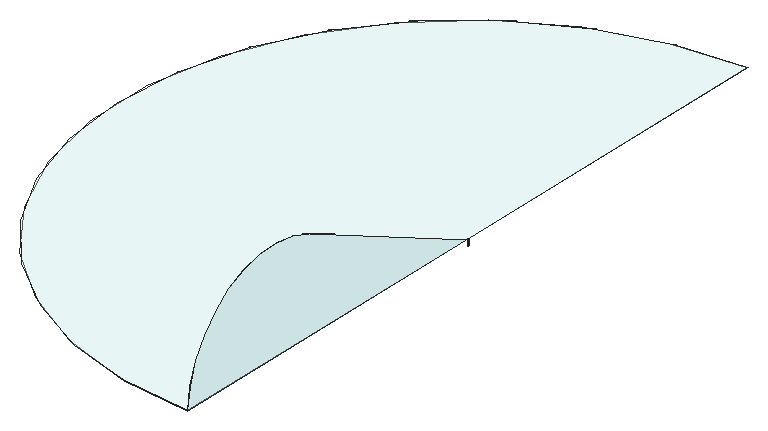
Revit family "Rotor Falvon 6504 Series - I6504PCSSNP", category Acessórios do tubo, Revit 2020
Family settings
  Cota do conector redondo = Utilizar diâmetro
  Tipo de parte = Normal
  Número OmniClass = 23.60.30.11.14
  Título OmniClass = Pipework Fittings
  Com base no plano de trabalho = Não
  Sempre na vertical = Sim
  Corte com vazios quando carregada = Não
  Compartilhado = Não
Parameters (values of type "Nozzle 18")
  Water = Water
  URL = "https://www.rainbird.com/"
  TABLE 90 = "TABLE 90psi"
  TABLE 80 = "TABLE 80psi"
  TABLE 70 = "TABLE 70psi"
  TABLE 60 = "TABLE 60psi"
  TABLE 50 = "TABLE 50psi"
  TABLE 40 = "TABLE 40psi"
  TABLE 30 = "TABLE 30psi"
  SupportProjetos: Reviw Date = ""  # constant formula
  SupportProjetos: Reviw = "R00"  # constant formula
  SupportProjetos: Level of Detail = "LOD 300"  # constant formula
  SupportProjetos: Developed = "MICHEL SOARES MOTA"  # constant formula
  SupportProjetos: Creation Date = "07/08/2020"  # constant formula
  Side inlet = no
  Rotation Water Visibility [instance] = Pop up on  # yes
  Rotation Angle [instance] = 180.00°
  RainBird: Product Link = "https://www.rainbird.com/"
  RainBird: Description = "FALCON I6504-PC-SS-NP Rotor "  # constant formula
  RainBird: Comment [instance] = ""
  RainBird: Code = "B65821NP"  # constant formula
  Radius [instance] = if(and(Pressure = 30.0 psi, Instance < 3 ft), size_lookup(TABLE 30, "Radius", 0 ft, Instance), if(and(Pressure = 40.0 psi, Instance < 9 ft), size_lookup(TABLE 40, "Radius", 0 ft, Instance), if(and(Pressure = 50.0 psi, Instance < 9 ft), size_lookup(TABLE 50, "Radius", 0 ft, Instance), if(and(Pressure = 60.0 psi, Instance < 9 ft), size_lookup(TABLE 60, "Radius", 0 ft, Instance), if(and(Pressure = 70.0 psi, Instance < 9 ft), size_lookup(TABLE 70, "Radius", 0 ft, Instance), if(and(Pressure = 80.0 psi, Instance < 9 ft), size_lookup(TABLE 80, "Radius", 0 ft, Instance), if(and(Pressure = 90.0 psi, Instance > 7 ft), size_lookup(TABLE 90, "Radius", 600 ft, Instance), 0 ft)))))))  # 63 ft
  RT = 0.009893 ft
  RN = 0.032808 ft
  R5 = 0.03937 ft
  R4 = 0.04101 ft
  R3 = 0.065617 ft
  R2 = 0.075407 ft
  R1 = 0.032808 ft
  Pressure [instance] = 60.0 psi
  Pop up height = 0.334646 ft
  Pop up on [instance] = yes
  Modelo = "I6504-PCSSNP"  # constant formula
  Instance = 8 ft
  H1 = Body height / 3  # 0.236333 ft
  Flow [instance] = if(and(Pressure = 30.0 psi, Instance < 3 ft), size_lookup(TABLE 30, "Flow", 0.0 GPM, Instance), if(and(Pressure = 40.0 psi, Instance < 9 ft), size_lookup(TABLE 40, "Flow", 0.0 GPM, Instance), if(and(Pressure = 50.0 psi, Instance < 9 ft), size_lookup(TABLE 50, "Flow", 0.0 GPM, Instance), if(and(Pressure = 60.0 psi, Instance < 9 ft), size_lookup(TABLE 60, "Flow", 0.0 GPM, Instance), if(and(Pressure = 70.0 psi, Instance < 9 ft), size_lookup(TABLE 70, "Flow", 0.0 GPM, Instance), if(and(Pressure = 80.0 psi, Instance < 9 ft), size_lookup(TABLE 80, "Flow", 0.0 GPM, Instance), if(and(Pressure = 90.0 psi, Instance > 7 ft), size_lookup(TABLE 90, "Flow", 0.0 GPM, Instance), 0.0 GPM)))))))  # 17.1 GPM
  Fabricante = "Rain Bird"
  Elevação padrão = 0 ft
  Description = RainBird: Description  # "FALCON I6504-PC-SS-NP Rotor "
  DD13 = 0.002625 ft
  DD12 = 0.003937 ft
  DD11 = 0.009897 ft
  DD10 = 0.016404 ft
  DD8 [instance] = if(Pop up on, Pop up height, 0 ft)  # 0.334646 ft
  DD7 = 0.019685 ft
  DD6 [instance] = 0.016404 ft
  DD5 = 0.065617 ft
  DD4 = 0.032808 ft
  DD3 = 0.091048 ft
  DD2 [instance] = 0.024514 ft
  DD9 [instance] = if(Pop up on, Pop up height + 0.049541 ft, 0 ft)  # 0.384186 ft
  DD1 = 0.006562 ft
  Conection = 0.062664 ft  # constant formula
  Body height = 0.709 ft  # constant formula
  Blue = Blue Plastic
  Black Plastic = Black Plastic
  Angle = 25.00°
Types (9, lengths in ft): name | Radius | Pressure | Instance | Flow
  (no name) | 63 | 60.0 psi | 8 | 17.1 GPM
  Nozzle 4 | 43 | 80.0 psi | 1 | 4.6 GPM
  Nozzle 6 | 49 | 80.0 psi | 2 | 4.9 GPM
  Nozzle 8 | 53 | 80.0 psi | 3 | 9.4 GPM
  Nozzle 10 | 55 | 80.0 psi | 4 | 11.6 GPM
  Nozzle 12 | 61 | 80.0 psi | 5 | 14.0 GPM
  Tipo 14 | 61 | 80.0 psi | 6 | 16.2 GPM
  Nozzle 16 | 63 | 80.0 psi | 7 | 18.1 GPM
  Nozzle 18 | 63 | 60.0 psi | 8 | 17.1 GPM
Reference planes (ft)
  plane 1 "Centro (Frente/Trás)": y = 0
  plane 2: z = 0
  plane 3 "Centro (Esquerda/Direita)": x = 0
  plane 4: z = 0.003937
  plane 5: z = 0.002625
  plane 6: y = -0.065617
Forms (ft)
  Revolve 1, solid, material "Black Plastic" <- "Black Plastic"
    sketch origin (0, 0, 0) x (1, 0, 0) y (0, 0, 1)
      loop
        line (0.075407, -0.091048) -> (0.075407, -0.035324)
        arc (0.075407, -0.035324) -> (0.072509, -0.028329) -> (0.065514, -0.025431) r 0.009893
        line (0.065514, -0.025431) -> (0.046098, -0.025431) -> (0.046098, 0) -> (0.03937, 0) -> (0.03937, -0.334646) -> (0.019685, -0.334646) -> (0.019685, -0.702438) -> (0.032808, -0.702438) -> (0.032808, -0.709) -> (0.04101, -0.709) -> (0.04101, -0.702438) -> (0.055724, -0.702438)
        arc (0.055724, -0.702438) -> (0.062719, -0.699541) -> (0.065617, -0.692545) r 0.009893
        line (0.065617, -0.692545) -> (0.065617, -0.091048) -> (0.075407, -0.091048)
      axis (0, -0.709) -> (0, 0)
    angle from 0 to 360
  Extrusion 2, solid, material "Black Plastic" <- "Black Plastic"
    sketch origin (0, 0, 0) x (1, 0, 0) y (0, 1, 0)
      loop
        circle (0, 0) r 0.032808
    from -0.334646 to 0.334646
  Extrusion 3, void
    sketch origin (0, 0, 0) x (1, 0, 0) y (0, 1, 0)
      loop
        circle (0, 0) r 0.022844
    from -0.334646 to 0.334646
  Revolve 4, solid, material "Black Plastic" <- "Black Plastic"
    sketch origin (0, 0, 0) x (1, 0, 0) y (0, 0, 1)
      loop
        line (0, 0.334646) -> (0.037004, 0.334646) -> (0.037004, 0.344543)
        arc (0.037004, 0.344543) -> (0.01879, 0.349436) -> (0, 0.35105) r 0.10685
        line (0, 0.35105) -> (0, 0.334646)
      axis (0, 0.334646) -> (0, 0.35105)
    angle from 0 to 360
  Extrusion 5, solid, material "Blue Plastic" <- "Blue"
    sketch origin (0, 0, 0) x (1, 0, 0) y (0, 0, 1)
      loop
        circle (0, 0.310131) r 0.009129
      loop
        circle (0, 0.310131) r 0.004793
    from 0 to 0.034386
  Extrusion 6, void
    sketch origin (0, 0, 0) x (1, 0, 0) y (0, 0, 1)
      loop
        line (-0.02074, 0.328055) -> (-0.02074, 0.282426) -> (0.020672, 0.282426) -> (0.020672, 0.328055) -> (-0.02074, 0.328055)
      loop
        line (-0.018439, 0.325179) -> (-0.018439, 0.285685) -> (0.018179, 0.285685) -> (0.018179, 0.325179) -> (-0.018439, 0.325179)
    from 0.024556 to 0.06931
  Extrusion 7, solid, material "Black Plastic" <- "Black Plastic"
    sketch origin (0, 0, 0) x (1, 0, 0) y (0, 0, 1)
      loop
        line (0.046098, 0) -> (0.046098, -0.036876) -> (0.073493, -0.036876) -> (0.046098, 0)
    from -0.002998 to 0.002998
  Extrusion 8, solid, material "Black Plastic" <- "Black Plastic"
    sketch origin (0, 0, 0) x (-1, 0, 0) y (0, 0, -1)
      loop
        line (0.046098, 0) -> (0.073493, 0.036876) -> (0.046098, 0.036876) -> (0.046098, 0)
    from -0.002998 to 0.002998
  Extrusion 9, solid, material "Black Plastic" <- "Black Plastic"
    sketch origin (0, 0, 0) x (0.866025, 0.5, 0) y (0, 0, 1)
      loop
        line (0.046098, 0) -> (0.046098, -0.036876) -> (0.073493, -0.036876) -> (0.046098, 0)
    from -0.002998 to 0.002998
  Extrusion 10, solid, material "Black Plastic" <- "Black Plastic"
    sketch origin (0, 0, 0) x (-0.866025, -0.5, 0) y (0, 0, -1)
      loop
        line (0.046098, 0) -> (0.073493, 0.036876) -> (0.046098, 0.036876) -> (0.046098, 0)
    from -0.002998 to 0.002998
  Extrusion 11, solid, material "Black Plastic" <- "Black Plastic"
    sketch origin (0, 0, 0) x (0, 1, 0) y (0, 0, 1)
      loop
        line (0.046098, 0) -> (0.046098, -0.036876) -> (0.073493, -0.036876) -> (0.046098, 0)
    from -0.002998 to 0.002998
  Extrusion 12, solid, material "Black Plastic" <- "Black Plastic"
    sketch origin (0, 0, 0) x (0, -1, 0) y (0, 0, -1)
      loop
        line (0.046098, 0) -> (0.073493, 0.036876) -> (0.046098, 0.036876) -> (0.046098, 0)
    from -0.002998 to 0.002998
  Extrusion 13, solid, material "Black Plastic" <- "Black Plastic"
    sketch origin (0, 0, 0) x (0.5, 0.866025, 0) y (0, 0, 1)
      loop
        line (0.046098, 0) -> (0.046098, -0.036876) -> (0.073493, -0.036876) -> (0.046098, 0)
    from -0.002998 to 0.002998
  Extrusion 14, solid, material "Black Plastic" <- "Black Plastic"
    sketch origin (0, 0, 0) x (-0.5, -0.866025, 0) y (0, 0, -1)
      loop
        line (0.046098, 0) -> (0.073493, 0.036876) -> (0.046098, 0.036876) -> (0.046098, 0)
    from -0.002998 to 0.002998
  Extrusion 15, solid, material "Black Plastic" <- "Black Plastic"
    sketch origin (0, 0, 0) x (-0.5, 0.866025, 0) y (0, 0, 1)
      loop
        line (0.046098, 0) -> (0.046098, -0.036876) -> (0.073493, -0.036876) -> (0.046098, 0)
    from -0.002998 to 0.002998
  Extrusion 16, solid, material "Black Plastic" <- "Black Plastic"
    sketch origin (0, 0, 0) x (0.5, -0.866025, 0) y (0, 0, -1)
      loop
        line (0.046098, 0) -> (0.073493, 0.036876) -> (0.046098, 0.036876) -> (0.046098, 0)
    from -0.002998 to 0.002998
  Extrusion 17, solid, material "Black Plastic" <- "Black Plastic"
    sketch origin (0, 0, 0) x (-0.866025, 0.5, 0) y (0, 0, 1)
      loop
        line (0.046098, 0) -> (0.046098, -0.036876) -> (0.073493, -0.036876) -> (0.046098, 0)
    from -0.002998 to 0.002998
  Extrusion 18, solid, material "Black Plastic" <- "Black Plastic"
    sketch origin (0, 0, 0) x (0.866025, -0.5, 0) y (0, 0, -1)
      loop
        line (0.046098, 0) -> (0.073493, 0.036876) -> (0.046098, 0.036876) -> (0.046098, 0)
    from -0.002998 to 0.002998
  Extrusion 19, void
    sketch origin (0, 0, 0) x (1, 0, 0) y (0, 1, 0)
      loop
        line (-0.002998, 0.077702) -> (-0.002998, 0.071655) -> (0.002998, 0.071655) -> (0.002998, 0.077702) -> (-0.002998, 0.077702)
    from -0.091048 to 0.82021
  Extrusion 20, void
    sketch origin (0, 0, 0) x (1, 0, 0) y (0, 1, 0)
      loop
        line (0.002998, -0.077702) -> (0.002998, -0.071655) -> (-0.002998, -0.071655) -> (-0.002998, -0.077702) -> (0.002998, -0.077702)
    from -0.091048 to 0.82021
  Extrusion 21, void
    sketch origin (0, 0, 0) x (0.965926, 0.258819, 0) y (-0.258819, 0.965926, 0)
      loop
        line (-0.002998, 0.077702) -> (-0.002998, 0.071655) -> (0.002998, 0.071655) -> (0.002998, 0.077702) -> (-0.002998, 0.077702)
    from -0.091048 to 0.82021
  Extrusion 22, void
    sketch origin (0, 0, 0) x (0.965926, 0.258819, 0) y (-0.258819, 0.965926, 0)
      loop
        line (0.002998, -0.077702) -> (0.002998, -0.071655) -> (-0.002998, -0.071655) -> (-0.002998, -0.077702) -> (0.002998, -0.077702)
    from -0.091048 to 0.82021
  Extrusion 23, void
    sketch origin (0, 0, 0) x (0.866025, 0.5, 0) y (-0.5, 0.866025, 0)
      loop
        line (-0.002998, 0.077702) -> (-0.002998, 0.071655) -> (0.002998, 0.071655) -> (0.002998, 0.077702) -> (-0.002998, 0.077702)
    from -0.091048 to 0.82021
  Extrusion 24, void
    sketch origin (0, 0, 0) x (0.866025, 0.5, 0) y (-0.5, 0.866025, 0)
      loop
        line (0.002998, -0.077702) -> (0.002998, -0.071655) -> (-0.002998, -0.071655) -> (-0.002998, -0.077702) -> (0.002998, -0.077702)
    from -0.091048 to 0.82021
  Extrusion 25, void
    sketch origin (0, 0, 0) x (0.5, 0.866025, 0) y (-0.866025, 0.5, 0)
      loop
        line (-0.002998, 0.077702) -> (-0.002998, 0.071655) -> (0.002998, 0.071655) -> (0.002998, 0.077702) -> (-0.002998, 0.077702)
    from -0.091048 to 0.82021
  Extrusion 26, void
    sketch origin (0, 0, 0) x (0.5, 0.866025, 0) y (-0.866025, 0.5, 0)
      loop
        line (0.002998, -0.077702) -> (0.002998, -0.071655) -> (-0.002998, -0.071655) -> (-0.002998, -0.077702) -> (0.002998, -0.077702)
    from -0.091048 to 0.82021
  Extrusion 27, void
    sketch origin (0, 0, 0) x (0.707107, 0.707107, 0) y (-0.707107, 0.707107, 0)
      loop
        line (-0.002998, 0.077702) -> (-0.002998, 0.071655) -> (0.002998, 0.071655) -> (0.002998, 0.077702) -> (-0.002998, 0.077702)
    from -0.091048 to 0.82021
  Extrusion 28, void
    sketch origin (0, 0, 0) x (0.707107, 0.707107, 0) y (-0.707107, 0.707107, 0)
      loop
        line (0.002998, -0.077702) -> (0.002998, -0.071655) -> (-0.002998, -0.071655) -> (-0.002998, -0.077702) -> (0.002998, -0.077702)
    from -0.091048 to 0.82021
  Extrusion 29, void
    sketch origin (0, 0, 0) x (0.258819, 0.965926, 0) y (-0.965926, 0.258819, 0)
      loop
        line (-0.002998, 0.077702) -> (-0.002998, 0.071655) -> (0.002998, 0.071655) -> (0.002998, 0.077702) -> (-0.002998, 0.077702)
    from -0.091048 to 0.82021
  Extrusion 30, void
    sketch origin (0, 0, 0) x (0.258819, 0.965926, 0) y (-0.965926, 0.258819, 0)
      loop
        line (0.002998, -0.077702) -> (0.002998, -0.071655) -> (-0.002998, -0.071655) -> (-0.002998, -0.077702) -> (0.002998, -0.077702)
    from -0.091048 to 0.82021
  Extrusion 31, void
    sketch origin (0, 0, 0) x (0, 1, 0) y (-1, 0, 0)
      loop
        line (-0.002998, 0.077702) -> (-0.002998, 0.071655) -> (0.002998, 0.071655) -> (0.002998, 0.077702) -> (-0.002998, 0.077702)
    from -0.091048 to 0.82021
  Extrusion 32, void
    sketch origin (0, 0, 0) x (0, 1, 0) y (-1, 0, 0)
      loop
        line (0.002998, -0.077702) -> (0.002998, -0.071655) -> (-0.002998, -0.071655) -> (-0.002998, -0.077702) -> (0.002998, -0.077702)
    from -0.091048 to 0.82021
  Extrusion 33, void
    sketch origin (0, 0, 0) x (-0.258819, 0.965926, 0) y (-0.965926, -0.258819, 0)
      loop
        line (-0.002998, 0.077702) -> (-0.002998, 0.071655) -> (0.002998, 0.071655) -> (0.002998, 0.077702) -> (-0.002998, 0.077702)
    from -0.091048 to 0.82021
  Extrusion 34, void
    sketch origin (0, 0, 0) x (-0.258819, 0.965926, 0) y (-0.965926, -0.258819, 0)
      loop
        line (0.002998, -0.077702) -> (0.002998, -0.071655) -> (-0.002998, -0.071655) -> (-0.002998, -0.077702) -> (0.002998, -0.077702)
    from -0.091048 to 0.82021
  Extrusion 35, void
    sketch origin (0, 0, 0) x (-0.5, 0.866025, 0) y (-0.866025, -0.5, 0)
      loop
        line (-0.002998, 0.077702) -> (-0.002998, 0.071655) -> (0.002998, 0.071655) -> (0.002998, 0.077702) -> (-0.002998, 0.077702)
    from -0.091048 to 0.82021
  Extrusion 36, void
    sketch origin (0, 0, 0) x (-0.5, 0.866025, 0) y (-0.866025, -0.5, 0)
      loop
        line (0.002998, -0.077702) -> (0.002998, -0.071655) -> (-0.002998, -0.071655) -> (-0.002998, -0.077702) -> (0.002998, -0.077702)
    from -0.091048 to 0.82021
  Extrusion 37, void
    sketch origin (0, 0, 0) x (-0.707107, 0.707107, 0) y (-0.707107, -0.707107, 0)
      loop
        line (-0.002998, 0.077702) -> (-0.002998, 0.071655) -> (0.002998, 0.071655) -> (0.002998, 0.077702) -> (-0.002998, 0.077702)
    from -0.091048 to 0.82021
  Extrusion 38, void
    sketch origin (0, 0, 0) x (-0.707107, 0.707107, 0) y (-0.707107, -0.707107, 0)
      loop
        line (0.002998, -0.077702) -> (0.002998, -0.071655) -> (-0.002998, -0.071655) -> (-0.002998, -0.077702) -> (0.002998, -0.077702)
    from -0.091048 to 0.82021
  Extrusion 39, void
    sketch origin (0, 0, 0) x (-0.866025, 0.5, 0) y (-0.5, -0.866025, 0)
      loop
        line (-0.002998, 0.077702) -> (-0.002998, 0.071655) -> (0.002998, 0.071655) -> (0.002998, 0.077702) -> (-0.002998, 0.077702)
    from -0.091048 to 0.82021
  Extrusion 40, void
    sketch origin (0, 0, 0) x (-0.866025, 0.5, 0) y (-0.5, -0.866025, 0)
      loop
        line (0.002998, -0.077702) -> (0.002998, -0.071655) -> (-0.002998, -0.071655) -> (-0.002998, -0.077702) -> (0.002998, -0.077702)
    from -0.091048 to 0.82021
  Extrusion 41, void
    sketch origin (0, 0, 0) x (-0.965926, 0.258819, 0) y (-0.258819, -0.965926, 0)
      loop
        line (-0.002998, 0.077702) -> (-0.002998, 0.071655) -> (0.002998, 0.071655) -> (0.002998, 0.077702) -> (-0.002998, 0.077702)
    from -0.091048 to 0.82021
  Extrusion 42, void
    sketch origin (0, 0, 0) x (-0.965926, 0.258819, 0) y (-0.258819, -0.965926, 0)
      loop
        line (0.002998, -0.077702) -> (0.002998, -0.071655) -> (-0.002998, -0.071655) -> (-0.002998, -0.077702) -> (0.002998, -0.077702)
    from -0.091048 to 0.82021
  Extrusion 43, solid, material "Water" <- "Water", visible <- "Rotation Water Visibility"
    sketch origin (0, 0, 0) x (0, 1, 0) y (0, 0, 1)
      loop
        line (-0.032808, 0.310131) -> (-35.615202, 16.902474)
        arc (-35.615202, 16.902474) -> (-53.751991, 15.923219) -> (-63.032808, 0.310131) r 19.287003
        line (-63.032808, 0.310131) -> (-0.032808, 0.310131)
    from -0.008202 to 0.008202
Cuts and joins
  Extrusion 3, Extrusion 6 cuts Extrusion 2
  Extrusion 19, Extrusion 20, Extrusion 21, Extrusion 22, Extrusion 23, Extrusion 24, Extrusion 25, Extrusion 26, Extrusion 27, Extrusion 28, Extrusion 29, Extrusion 30, Extrusion 31, Extrusion 32, Extrusion 33, Extrusion 34, Extrusion 35, Extrusion 36, Extrusion 37, Extrusion 38, Extrusion 39, Extrusion 40, Extrusion 41, Extrusion 42 cuts Revolve 1
Dimensions and locks (ft)
  "Body height": level to Revolve 1 sketch curve
  "R2": Revolve 1 sketch curve to plane 3 "Centro (Esquerda/Direita)"
  "DD1": Revolve 1 sketch curve to Revolve 1 sketch curve
  "DD3": level to Revolve 1 sketch curve
  Revolve 1 sketch curve to plane 3 "Centro (Esquerda/Direita)" = 0.065617 ft
  "R4": Revolve 1 sketch curve to plane 3 "Centro (Esquerda/Direita)"
  "RN": Revolve 1 sketch curve to plane 3 "Centro (Esquerda/Direita)"
  "Pop up height": level to Revolve 1 sketch curve
  "R5": plane 3 "Centro (Esquerda/Direita)" to Revolve 1 sketch curve
  "DD7": Revolve 1 sketch curve to plane 3 "Centro (Esquerda/Direita)"
  "DD8": Extrusion 2 to level
  "DD12": plane 4 to level
  "DD13": plane 5 to level
  "R3": plane 6 to plane 1 "Centro (Frente/Trás)"
  "DD5": Revolve 1 sketch curve to Revolve 1 sketch curve
  "DD10": Revolve 4 sketch curve to Revolve 4 sketch curve
  "DD11": Revolve 4 sketch curve to Revolve 4 sketch curve
  "DD2": Revolve 4 to Extrusion 5 sketch curve  (x2)
  Extrusion 7 to plane 3 "Centro (Esquerda/Direita)" = 0.046098 ft
  equal spacing: Extrusion 7, plane 1 "Centro (Frente/Trás)", Extrusion 7
  Extrusion 8 to Extrusion 8 = 0.005995 ft
  Extrusion 9 to Extrusion 9 = 0.005995 ft
  Extrusion 20 sketch curve to Extrusion 20 sketch curve = 0.005995 ft
  Extrusion 22 sketch curve to Extrusion 22 sketch curve = 0.005995 ft
  Extrusion 24 sketch curve to Extrusion 24 sketch curve = 0.005995 ft
  Extrusion 26 sketch curve to Extrusion 26 sketch curve = 0.005995 ft
  Extrusion 28 sketch curve to Extrusion 28 sketch curve = 0.005995 ft
  Extrusion 30 sketch curve to Extrusion 30 sketch curve = 0.005995 ft
  Extrusion 32 sketch curve to Extrusion 32 sketch curve = 0.005995 ft
  Extrusion 34 sketch curve to Extrusion 34 sketch curve = 0.005995 ft
  Extrusion 36 sketch curve to Extrusion 36 sketch curve = 0.005995 ft
  Extrusion 38 sketch curve to Extrusion 38 sketch curve = 0.005995 ft
  Extrusion 40 sketch curve to Extrusion 40 sketch curve = 0.005995 ft
  Extrusion 42 sketch curve to Extrusion 42 sketch curve = 0.005995 ft
  "DD4": plane 1 "Centro (Frente/Trás)" to Extrusion 43 sketch curve
  "DD2": Revolve 4 to Extrusion 43 sketch curve
  "Radius": Extrusion 43 sketch curve to Extrusion 43 sketch curve
  equal spacing: Extrusion 43, plane 3 "Centro (Esquerda/Direita)", Extrusion 43
  "DD6": Extrusion 43 to Extrusion 43
  "DD2": Revolve 4 to nested 1
  "RT": radius of Revolve 1 sketch curve  (x2)
  "R1": radius of Extrusion 2 sketch curve
  "Angle": angle Extrusion 43 sketch curve to Extrusion 43 sketch curve
  aligned and locked: level to plane 2
  aligned and locked: Revolve 1 sketch curve to Revolve 1 sketch curve
  aligned and locked: Extrusion 2 to Revolve 1
  aligned and locked: cut or joined group of Extrusion 2, Extrusion 3, Extrusion 6 to cut or joined group of Extrusion 2, Extrusion 3, Extrusion 6  (x2)
  aligned and locked: Revolve 4 sketch curve to cut or joined group of Extrusion 2, Extrusion 3, Extrusion 6
  aligned and locked: Extrusion 20 to Revolve 1
  aligned and locked: Extrusion 22 to Revolve 1
  aligned and locked: Extrusion 24 to Revolve 1
  aligned and locked: Extrusion 28 to Revolve 1
  aligned and locked: Extrusion 26 to Revolve 1
  aligned and locked: Extrusion 30 to Revolve 1
  aligned and locked: Extrusion 32 to Revolve 1
  aligned and locked: Extrusion 34 to Revolve 1
  aligned and locked: Revolve 1 to Extrusion 36
  aligned and locked: Revolve 1 to Extrusion 38
  aligned and locked: Extrusion 41 to Revolve 1
  aligned and locked: Extrusion 39 to Revolve 1
  aligned and locked: Extrusion 37 to Revolve 1
  aligned and locked: Extrusion 35 to Revolve 1
  aligned and locked: Extrusion 33 to Revolve 1
  aligned and locked: Extrusion 31 to Revolve 1
  aligned and locked: Extrusion 29 to Revolve 1
  aligned and locked: Revolve 1 to Extrusion 25
  aligned and locked: Revolve 1 to Extrusion 27
  aligned and locked: Revolve 1 to Extrusion 19
  aligned and locked: Revolve 1 to Extrusion 21
  aligned and locked: Revolve 1 to Extrusion 42
  aligned and locked: Revolve 1 to Extrusion 40
  aligned and locked: Revolve 1 to Extrusion 23
Automatic sketch dimensions
  plane 1 "Centro (Frente/Trás)" to Extrusion 2 sketch curve = 0 ft
  Extrusion 2 sketch curve to plane 3 "Centro (Esquerda/Direita)" = 0 ft
  plane 1 "Centro (Frente/Trás)" to Extrusion 3 sketch curve = 0 ft
  Extrusion 3 sketch curve to plane 3 "Centro (Esquerda/Direita)" = 0 ft
  Revolve 4 sketch curve to plane 3 "Centro (Esquerda/Direita)" = 0 ft  (x2)
  plane 3 "Centro (Esquerda/Direita)" to Revolve 4 sketch curve = 0.000284 ft
  plane 3 "Centro (Esquerda/Direita)" to Revolve 4 sketch curve = 0.037004 ft
  Revolve 4 sketch curve to Revolve 4 sketch curve = 0.015719 ft
  Revolve 4 sketch curve to Revolve 4 sketch curve = 0.114829 ft
  Extrusion 5 sketch curve to Extrusion 5 sketch curve = 0 ft
  Extrusion 5 sketch curve to plane 3 "Centro (Esquerda/Direita)" = 0 ft
  Extrusion 6 sketch curve to plane 3 "Centro (Esquerda/Direita)" = 0.02074 ft
  Extrusion 6 sketch curve to Extrusion 6 sketch curve = 0.002301 ft
  plane 3 "Centro (Esquerda/Direita)" to Extrusion 6 sketch curve = 0.018179 ft
  Extrusion 6 sketch curve to Extrusion 6 sketch curve = 0.002492 ft
  plane 4 to Extrusion 6 sketch curve = 0.278489 ft
  Extrusion 6 sketch curve to Extrusion 6 sketch curve = 0.003259 ft
  Extrusion 6 sketch curve to Extrusion 6 sketch curve = 0.039494 ft
  Extrusion 6 sketch curve to Extrusion 6 sketch curve = 0.002876 ft
  Extrusion 7 sketch curve to level = 0 ft
  plane 3 "Centro (Esquerda/Direita)" to Extrusion 7 sketch curve = 0.046098 ft
  Extrusion 7 sketch curve to Extrusion 7 sketch curve = 0.027396 ft
  Extrusion 7 sketch curve to Extrusion 7 sketch curve = 0.036876 ft
  Extrusion 8 sketch curve to level = 0 ft
  plane 3 "Centro (Esquerda/Direita)" to Extrusion 8 sketch curve = 0.046098 ft
  Extrusion 8 sketch curve to Extrusion 8 sketch curve = 0.027396 ft
  Extrusion 8 sketch curve to Extrusion 8 sketch curve = 0.036876 ft
  Extrusion 9 sketch curve to level = 0 ft
  Extrusion 9 sketch curve to level = 0.036876 ft
  Extrusion 9 sketch curve to Extrusion 9 sketch curve = 0.027396 ft
  Extrusion 10 sketch curve to level = 0 ft
  Extrusion 10 sketch curve to level = 0.036876 ft
  Extrusion 10 sketch curve to Extrusion 10 sketch curve = 0.027396 ft
  Extrusion 11 sketch curve to level = 0 ft
  Extrusion 11 sketch curve to plane 1 "Centro (Frente/Trás)" = 0.046098 ft
  Extrusion 11 sketch curve to Extrusion 11 sketch curve = 0.027396 ft
  Extrusion 11 sketch curve to Extrusion 11 sketch curve = 0.036876 ft
  Extrusion 12 sketch curve to level = 0 ft
  plane 6 to Extrusion 12 sketch curve = 0.019519 ft
  Extrusion 12 sketch curve to plane 6 = 0.007877 ft
  Extrusion 12 sketch curve to level = 0.036876 ft
  Extrusion 13 sketch curve to level = 0 ft
  Extrusion 13 sketch curve to level = 0.036876 ft
  Extrusion 13 sketch curve to Extrusion 13 sketch curve = 0.027396 ft
  Extrusion 14 sketch curve to level = 0 ft
  Extrusion 14 sketch curve to level = 0.036876 ft
  Extrusion 14 sketch curve to Extrusion 14 sketch curve = 0.027396 ft
  level to Extrusion 15 sketch curve = 0 ft
  Extrusion 15 sketch curve to level = 0.036876 ft
  Extrusion 15 sketch curve to Extrusion 15 sketch curve = 0.027396 ft
  level to Extrusion 16 sketch curve = 0 ft
  Extrusion 16 sketch curve to level = 0.036876 ft
  Extrusion 16 sketch curve to Extrusion 16 sketch curve = 0.027396 ft
  level to Extrusion 17 sketch curve = 0 ft
  Extrusion 17 sketch curve to level = 0.036876 ft
  Extrusion 17 sketch curve to Extrusion 17 sketch curve = 0.027396 ft
  level to Extrusion 18 sketch curve = 0 ft
  Extrusion 18 sketch curve to level = 0.036876 ft
  Extrusion 18 sketch curve to Extrusion 18 sketch curve = 0.027396 ft
  Extrusion 19 sketch curve to plane 3 "Centro (Esquerda/Direita)" = 0.002998 ft
  Extrusion 19 sketch curve to plane 1 "Centro (Frente/Trás)" = 0.071655 ft
  Extrusion 19 sketch curve to Extrusion 19 sketch curve = 0.006047 ft
  plane 3 "Centro (Esquerda/Direita)" to Extrusion 20 sketch curve = 0.002998 ft
  plane 6 to Extrusion 20 sketch curve = 0.006038 ft
  Extrusion 20 sketch curve to Extrusion 20 sketch curve = 0.006047 ft
  plane 3 "Centro (Esquerda/Direita)" to Extrusion 19 sketch curve = 0.002998 ft
  Extrusion 21 sketch curve to plane 3 "Centro (Esquerda/Direita)" = 0.021441 ft
  Extrusion 21 sketch curve to plane 1 "Centro (Frente/Trás)" = 0.068438 ft
  Extrusion 21 sketch curve to Extrusion 21 sketch curve = 0.005995 ft
  Extrusion 21 sketch curve to Extrusion 21 sketch curve = 0.006047 ft
  Extrusion 22 sketch curve to plane 6 = 0.010213 ft
  plane 3 "Centro (Esquerda/Direita)" to Extrusion 22 sketch curve = 0.017215 ft
  Extrusion 22 sketch curve to Extrusion 22 sketch curve = 0.006047 ft
  Extrusion 23 sketch curve to plane 3 "Centro (Esquerda/Direita)" = 0.038424 ft
  Extrusion 23 sketch curve to plane 1 "Centro (Frente/Trás)" = 0.060556 ft
  Extrusion 23 sketch curve to Extrusion 23 sketch curve = 0.005995 ft
  Extrusion 23 sketch curve to Extrusion 23 sketch curve = 0.006047 ft
  Extrusion 24 sketch curve to plane 6 = 0.003174 ft
  plane 3 "Centro (Esquerda/Direita)" to Extrusion 24 sketch curve = 0.036255 ft
  Extrusion 24 sketch curve to Extrusion 24 sketch curve = 0.006047 ft
  Extrusion 25 sketch curve to plane 1 "Centro (Frente/Trás)" = 0.033231 ft
  Extrusion 25 sketch curve to plane 3 "Centro (Esquerda/Direita)" = 0.063554 ft
  Extrusion 25 sketch curve to Extrusion 25 sketch curve = 0.005995 ft
  Extrusion 25 sketch curve to Extrusion 25 sketch curve = 0.006047 ft
  Extrusion 26 sketch curve to plane 6 = 0.02417 ft
  Extrusion 26 sketch curve to plane 3 "Centro (Esquerda/Direita)" = 0.065793 ft
  Extrusion 26 sketch curve to Extrusion 26 sketch curve = 0.006047 ft
  Extrusion 27 sketch curve to plane 1 "Centro (Frente/Trás)" = 0.048548 ft
  Extrusion 27 sketch curve to plane 3 "Centro (Esquerda/Direita)" = 0.052787 ft
  Extrusion 27 sketch curve to Extrusion 27 sketch curve = 0.005995 ft
  Extrusion 27 sketch curve to Extrusion 27 sketch curve = 0.006047 ft
  plane 6 to Extrusion 28 sketch curve = 0.008554 ft
  plane 3 "Centro (Esquerda/Direita)" to Extrusion 28 sketch curve = 0.052824 ft
  Extrusion 28 sketch curve to Extrusion 28 sketch curve = 0.006047 ft
  Extrusion 29 sketch curve to plane 1 "Centro (Frente/Trás)" = 0.01565 ft
  Extrusion 29 sketch curve to plane 3 "Centro (Esquerda/Direita)" = 0.069989 ft
  Extrusion 29 sketch curve to Extrusion 29 sketch curve = 0.005995 ft
  Extrusion 29 sketch curve to Extrusion 29 sketch curve = 0.006047 ft
  plane 1 "Centro (Frente/Trás)" to Extrusion 30 sketch curve = 0.023006 ft
  plane 3 "Centro (Esquerda/Direita)" to Extrusion 30 sketch curve = 0.074278 ft
  Extrusion 30 sketch curve to Extrusion 30 sketch curve = 0.006047 ft
  plane 1 "Centro (Frente/Trás)" to Extrusion 31 sketch curve = 0.002998 ft
  Extrusion 31 sketch curve to plane 1 "Centro (Frente/Trás)" = 0.002998 ft
  Extrusion 31 sketch curve to plane 3 "Centro (Esquerda/Direita)" = 0.071655 ft
  Extrusion 31 sketch curve to Extrusion 31 sketch curve = 0.006047 ft
  plane 1 "Centro (Frente/Trás)" to Extrusion 32 sketch curve = 0.002998 ft
  plane 3 "Centro (Esquerda/Direita)" to Extrusion 32 sketch curve = 0.077702 ft
  Extrusion 32 sketch curve to Extrusion 32 sketch curve = 0.006047 ft
  plane 1 "Centro (Frente/Trás)" to Extrusion 33 sketch curve = 0.021441 ft
  Extrusion 33 sketch curve to plane 3 "Centro (Esquerda/Direita)" = 0.068438 ft
  Extrusion 33 sketch curve to Extrusion 33 sketch curve = 0.005995 ft
  Extrusion 33 sketch curve to Extrusion 33 sketch curve = 0.006047 ft
  Extrusion 34 sketch curve to plane 1 "Centro (Frente/Trás)" = 0.017215 ft
  plane 3 "Centro (Esquerda/Direita)" to Extrusion 34 sketch curve = 0.07583 ft
  Extrusion 34 sketch curve to Extrusion 34 sketch curve = 0.006047 ft
  plane 6 to Extrusion 35 sketch curve = 0.027193 ft
  Extrusion 35 sketch curve to plane 3 "Centro (Esquerda/Direita)" = 0.060556 ft
  Extrusion 35 sketch curve to Extrusion 35 sketch curve = 0.005995 ft
  Extrusion 35 sketch curve to Extrusion 35 sketch curve = 0.006047 ft
  Extrusion 36 sketch curve to plane 1 "Centro (Frente/Trás)" = 0.036255 ft
  plane 3 "Centro (Esquerda/Direita)" to Extrusion 36 sketch curve = 0.068791 ft
  Extrusion 36 sketch curve to Extrusion 36 sketch curve = 0.006047 ft
  plane 6 to Extrusion 37 sketch curve = 0.012829 ft
  Extrusion 37 sketch curve to plane 3 "Centro (Esquerda/Direita)" = 0.048548 ft
  Extrusion 37 sketch curve to Extrusion 37 sketch curve = 0.005995 ft
  Extrusion 37 sketch curve to Extrusion 37 sketch curve = 0.006047 ft
  Extrusion 38 sketch curve to plane 1 "Centro (Frente/Trás)" = 0.052824 ft
  plane 3 "Centro (Esquerda/Direita)" to Extrusion 38 sketch curve = 0.057063 ft
  Extrusion 38 sketch curve to Extrusion 38 sketch curve = 0.006047 ft
  plane 6 to Extrusion 39 sketch curve = 0.002063 ft
  Extrusion 39 sketch curve to plane 3 "Centro (Esquerda/Direita)" = 0.033231 ft
  Extrusion 39 sketch curve to Extrusion 39 sketch curve = 0.005995 ft
  Extrusion 39 sketch curve to Extrusion 39 sketch curve = 0.006047 ft
  plane 3 "Centro (Esquerda/Direita)" to Extrusion 40 sketch curve = 0.041447 ft
  Extrusion 40 sketch curve to plane 1 "Centro (Frente/Trás)" = 0.065793 ft
  Extrusion 40 sketch curve to Extrusion 40 sketch curve = 0.006047 ft
  Extrusion 41 sketch curve to plane 6 = 0.004372 ft
  Extrusion 41 sketch curve to plane 3 "Centro (Esquerda/Direita)" = 0.01565 ft
  Extrusion 41 sketch curve to Extrusion 41 sketch curve = 0.005995 ft
  Extrusion 41 sketch curve to Extrusion 41 sketch curve = 0.006047 ft
  plane 3 "Centro (Esquerda/Direita)" to Extrusion 42 sketch curve = 0.023006 ft
  Extrusion 42 sketch curve to plane 1 "Centro (Frente/Trás)" = 0.074278 ft
  Extrusion 42 sketch curve to Extrusion 42 sketch curve = 0.006047 ft
  Revolve 1 sketch curve to plane 3 "Centro (Esquerda/Direita)" = 0 ft
  Revolve 1 sketch curve to level = 0 ft
  Revolve 1 sketch curve to Revolve 1 sketch curve = 0.019416 ft
  plane 4 to Revolve 1 sketch curve = 0.079347 ft
  Revolve 1 sketch curve to Revolve 1 sketch curve = 0.918635 ft
  Extrusion 43 sketch curve to level = 0.577487 ft
  radius of Extrusion 3 sketch curve = 0.022844 ft
  radius of Extrusion 5 sketch curve = 0.009129 ft
  radius of Extrusion 5 sketch curve = 0.004793 ft
Nested families (ft)
  nested 1: "Water" at (0.000234, 0, 0.190874) x (0, -1, 0) z (0, 0, 1), DT9 <- "DD4", Radius <- "Radius", visible <- "Rotation Water Visibility", Rotation Angle <- "Rotation Angle", type "Water"
    with Rotation Angle 180.00°, Radius 63 ft, DT9 0.032808 ft, DT8 0 ft, DT7 252 ft, DT4 315 ft, Angle 2 180.00°
Connectors (ft)
  piping at (0, 0, -0.709), diameter 2
    settings: on cut or joined group of Revolve 1, Extrusion 19, Extrusion 20, Extrusion 21, Extrusion 22, Extrusion 23, Extrusion 24, Extrusion 25, Extrusion 26, Extrusion 27, Extrusion 28, Extrusion 29, Extrusion 30, Extrusion 31, Extrusion 32, Extrusion 33, Extrusion 34, Extrusion 35, Extrusion 36, Extrusion 37, Extrusion 38, Extrusion 39, Extrusion 40, Extrusion 41, Extrusion 42, index 1, connector inside diameter 609.6 mm, connector length 0 ft, flow factor 0, pipe flow 0.0 GPM, pressure drop 0.0 psi, fitting loss kfactor 0, connector angle 0.00°, fixture units 0, engagement length 0 ft, angle of deflection 0.00°, flow configuration 0, flow direction 0, fitting loss method 0, system type 28, joint type 0, gender type 0, connector reference index -1, connector utility 0, adjustable connector no, is connector primary yes, connector description ""
Definition of nested family "Water"
  Parameters (values of type "Water")
    Water Visibility (Circle) = yes
    Water = none
    URL = ""
    SupportProjetos: Reviw Date = ""  # constant formula
    SupportProjetos: Level of Detail = "LOD 300"  # constant formula
    SupportProjetos: Developed = "MICHEL SOARES MOTA"  # constant formula
    SupportProjetos: Creation Date = "16/07/2020"  # constant formula
    Rotation Angle [instance] = 90.00°
    Reviw = "R00"  # constant formula
    Radius [instance] = 14 ft
    Model = ""
    Default Elevation = 4 ft
    Description = ""
    DT9 [instance] = 0.032808 ft
    DT8 [instance] = if(Rotation Angle = 360.00°, 10 ft, 0 ft)  # 0 ft
    DT7 [instance] = 4 * Radius  # 56 ft
    DT4 [instance] = 5 * Radius  # 70 ft
    DT2 = 0.098425 ft  # constant formula
    DT6 = 0 ft
    Angle 2 [instance] = if(Rotation Angle = 360.00°, 180.00°, 360.00° - Rotation Angle)  # 270.00°
  Reference planes (ft)
    plane 1 "Centro (Frente/Trás)": y = 0
    plane 2: z = 0
    plane 3 "Centro (Esquerda/Direita)": x = 0
  Forms (ft)
    Revolve 1, solid, material <- "Water", visible <- "Water Visibility (Circle)"
      sketch origin (0, 0, 0) x (1, 0, 0) y (0, 0, 1)
        loop
          line (0.032808, 0.098425) -> (14.032808, 0.098425) -> (14.032808, 0.119259) -> (0.032808, 0.119259) -> (0.032808, 0.098425)
        axis (0, 0.098425) -> (0, 0.119259)
      angle from 0 to 360
    Extrusion 2, void
      sketch origin (0, 0, 0) x (1, 0, 0) y (0, 1, 0)
        loop
          line (0, 0) -> (70, 0) -> (70, 56)
          arc (70, 56) -> (-70.459018, 51.588344) -> (0, -70) r 81.847109
          line (0, -70) -> (0, 0)
      from 0 to 15.189231
  Cuts and joins
    Extrusion 2 cuts Revolve 1
  Dimensions and locks (ft)
    "DT2": Revolve 1 sketch curve to level
    "DT4": Extrusion 2 sketch curve to Extrusion 2 sketch curve  (x2)
    "DT6": Extrusion 2 sketch curve to plane 3 "Centro (Esquerda/Direita)"
    "DT7": Extrusion 2 sketch curve to Extrusion 2 sketch curve
    "DT8": cut or joined group of Revolve 1, Extrusion 2 to level
    "Radius": Revolve 1 sketch curve to Revolve 1 sketch curve
    "DT9": Revolve 1 sketch curve to plane 3 "Centro (Esquerda/Direita)"
    "Angle 2": angle Extrusion 2 sketch curve to Extrusion 2 sketch curve
    aligned and locked: level to plane 2
    aligned and locked: plane 1 "Centro (Frente/Trás)" to Extrusion 2 sketch curve
  Automatic sketch dimensions
    plane 3 "Centro (Esquerda/Direita)" to Extrusion 2 sketch curve = 1.088227 ft
    Revolve 1 sketch curve to plane 3 "Centro (Esquerda/Direita)" = 0 ft
    Revolve 1 sketch curve to Revolve 1 sketch curve = 0.020833 ft
    Revolve 1 sketch curve to Revolve 1 sketch curve = 0.032113 ft
    Revolve 1 sketch curve to Revolve 1 sketch curve = 10.2693 ft
